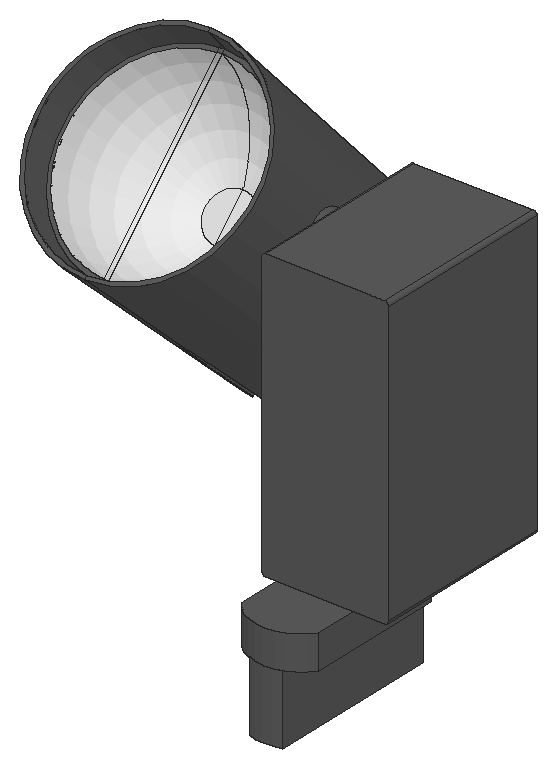
Revit family "0004852 Feilo Sylvania Lighting Fixture START TRACK SPOT S 24W 4K RA80 WB BLACK", category Lighting Fixtures, host Face, Revit 2017
Family settings
  Host = Face
  Round Connector Dimension = Use Diameter
  Part Type = Normal
  OmniClass Number = 23.80.70.00
  OmniClass Title = Lighting
  Cut with Voids When Loaded = No
  Light Source = No
  Shared = No
  Room Calculation Point = No
Parameters (values of type "0004852 START TRACK SPOT S 24W 4K RA80 WB BLACK")
  Weight = "0.966 kg"
  Wattage Comments = ""
  WarrantyStartDate [instance] = "n/a"
  WarrantyGuarantorParts = "n/a"
  WarrantyDurationUnit = "n/a"
  WarrantyDurationParts = "n/a"
  WarrantyDescription = "n/a"
  Voltage = 230 V
  URL = "http://www.sylvania-lighting.com"
  TypeName = "START TRACK SPOT S 24W 4K RA80 WB BLACK"
  TypeHead_FEILO = Start Track Spot Head : 0004852 START TRACK SPOT S 24W 4K RA80 WB BLACK
  TypeBox_FEILO = Start Track Spot Box : Type Small Black
  Type Image = <None>
  Type Comments = "n/a"
  VerticalRotation_FEILO [instance] = 0.00°
  SlideEndAngle_FEILO [instance] = VerticalRotation_FEILO + 180.00°  # 180.00°
  SerialNumber [instance] = "n/a"
  Material_3_FEILO = none
  PowerFactor = 0.95
  PowerConsumption = "24 W"
  NominalLength = 0 mm
  NominalHeight = 200 mm
  NominalDepth = 140 mm
  Name = "START TRACK SPOT S 24W 4K RA80 WB BLACK"
  ModelReference = Name  # "START TRACK SPOT S 24W 4K RA80 WB BLACK"
  ModelNumber = "0004852"
  Model = Name  # "START TRACK SPOT S 24W 4K RA80 WB BLACK"
  Material = "adc12 aluminium housing, polycarbonate diffuser"
  ManufacturerName = "Feilo Sylvania"
  Manufacturer = "Feilo Sylvania"
  LuminousEfficacy = "103 lm/W"
  LuminaireType = ""
  LightOutputRatio = "100"
  LampsType = Lamp  # "LED"
  LampNominalLuminous = "2476 lm"
  LampMacAdamStep = "3"
  LampColourTemperature = "4000 K"
  LampColourRenderingIndex = "80"
  Lamp = "LED"
  Keynote = "16500"
  InstallationDate [instance] = "n/a"
  InputVoltage = "230-240V~"
  InputNominalFrequency = "50/60 Hz"
  IngressProtection = "IP20"
  ImpactProtectionIndex = "IK02"
  IfcExportType = "IfcLightFixtureType"
  IfcExportAs = "IfcLightFixtureType"
  HorizontalRotation_FEILO [instance] = 45.00°
  ExpectedLife = 50000
  ElectricShockClassification = "Class II"
  DurationUnit = "hours"
  DocumentationLiterature = "http://www.sylvania-lighting.com/product/en-int/products/0004852"
  DimmingControlOptions = "Non dimmable"
  Material_2_FEILO = none
  Description = "Integrated LED spotlight, Textured Black - RAL9005, compact and minimalist design, ideal for retail applications, die-cast aluminium body, passive cooling heatsink. Beam angle: 64°, color temperature: 4000K , total system power: 24W, total fixture output: 2476 lm, LOR: 100%, colour rendering: Ra: 80 typical, LED Chromaticity: 3 step MacAdam ellipse, lifetime: >50000 hours at L70B50, energy class: A++, A+, A, IR/UV free light source without heat radiation, operating voltage: 220-240V / 50-60Hz, drive current: 600mA, electronic driver, non-dimmable, power factor: 0.95, electrical protection: Class II, Global Track 3 Phase adapter suitable for Global trac 3-circuit tracks, ingress protection rating: IP20, suitable for internal environment only, horizontal rotation: 355°, vertical tilt: 90°, dimensions: Ø86x140x200, weight: 0.966kg."
  Default Elevation = 1219.2 mm
  CreatedOn = "12/12/2017"
  CreatedBy = ""
  Cost = 0
  built-in parameter 1114216 [instance] = (empty or 0)
  ClassificationValue = "EF_70_80"
  ClassificationName = "Uniclass2015"
  Material_1_FEILO = Body-Sylvania-StartTrackSpot-Black
  BarCode [instance] = "n/a"
  AssetType = "Fixed"
  AssetIdentifier [instance] = "n/a"
  Assembly Code = "D5020200"
  Apparent Load = 24 VA
  Material_4_FEILO = none
Reference planes
  plane 1 "Center (Front/Back)": y = 0
  plane 2: z = 0
  plane 3 "Center (Left/Right)": x = 0
  plane 4: x = 15
  plane 5: x = -15
  plane 6: y = 35
  plane 7: y = -35
  plane 8: z = 13
  plane 9: z = -27
  plane 10: x = 6.5
  plane 11: x = -6.5
  plane 12: y = 27
  plane 13: y = -27
  plane 14: y = 20
Forms (mm)
  Extrusion 1, solid, material "Body-Sylvania-StartTrackSpot-Black" <- "Material_1_FEILO"
    sketch origin (0, 0, 0) x (1, 0, 0) y (0, 1, 0)
      loop
        line (-15, 27) -> (-15, -27)
        arc (-15, -27) -> (0, -35) -> (15, -27) r 18.062
        line (15, -27) -> (15, 27)
        arc (15, 27) -> (0, 35) -> (-15, 27) r 18.062
    from 0 to 13
  Extrusion 2, solid, material "Body-Sylvania-StartTrackSpot-Black" <- "Material_1_FEILO"
    sketch origin (0, 0, 0) x (1, 0, 0) y (0, 1, 0)
      loop
        arc (6.5, 33.79) -> (0, 35) -> (-6.5, 33.79) r 18.062
        line (-6.5, 33.79) -> (-6.5, -33.79)
        arc (-6.5, -33.79) -> (0, -35) -> (6.5, -33.79) r 18.062
        line (6.5, -33.79) -> (6.5, 33.79)
    from 0 to -27
  Revolve 3, solid, not visible
    sketch origin (1524, 20, 1219.2) x (1, 0, 0) y (0, 0, 1)
      loop
        line (-1524, -1206.2) -> (-1524, -1191.285) -> (-1530.5, -1191.285) -> (-1530.5, -1206.2) -> (-1524, -1206.2)
      axis (-1524, -1191.285) -> (-1524, -1206.2)
    angle from 0 <- "VerticalRotation_FEILO" to 180 <- "SlideEndAngle_FEILO"
Cuts and joins
  joined: Extrusion 1, Extrusion 2
Dimensions and locks
  equal spacing: plane 10, plane 3 "Center (Left/Right)", plane 11
  equal spacing: plane 4, plane 3 "Center (Left/Right)", plane 5
  locked: plane 8 to plane 2 at 13
  locked: plane 8 to plane 9 at 40
  equal spacing: plane 13, plane 1 "Center (Front/Back)", plane 12
  locked: plane 12 to plane 6 at 8
  locked: plane 14 to plane 6 at 15
  locked: Revolve 3 sketch curve to plane 8 at 14.915
  aligned and locked: plane 2 to host face
  aligned and locked: level to host face
  aligned and locked: plane 5 to Extrusion 1 sketch curve  (x2)
  aligned and locked: plane 12 to Extrusion 1 sketch curve
  aligned and locked: plane 13 to Extrusion 1 sketch curve
  aligned and locked: plane 4 to Extrusion 1 sketch curve
  aligned and locked: Extrusion 1 to plane 8
  aligned and locked: Extrusion 1 to level
  aligned and locked: Extrusion 2 sketch curve to Extrusion 1  (x2)
  aligned and locked: Extrusion 2 sketch curve to plane 11
  aligned and locked: plane 10 to Extrusion 2 sketch curve
  aligned and locked: plane 9 to Extrusion 2
  aligned and locked: level to Extrusion 2
  aligned and locked: Revolve 3 sketch curve to plane 3 "Center (Left/Right)"  (x2)
  aligned and locked: plane 11 to Revolve 3 sketch curve
  aligned and locked: Revolve 3 sketch curve to plane 8
Automatic sketch dimensions
  host sketch curve to host sketch curve = 2438.4 mm  (x2)
  Extrusion 1 sketch curve to plane 3 "Center (Left/Right)" = 0 mm  (x2)
  Extrusion 1 sketch curve to plane 13 = 10.062 mm
  plane 12 to Extrusion 1 sketch curve = 10.062 mm
  Revolve 3 sketch curve to plane 3 "Center (Left/Right)" = 0 mm
  plane 9 to Revolve 3 sketch curve = 582.6 mm
  Revolve 3 sketch curve to Revolve 3 sketch curve = 2581.144 mm
Nested families
  nested 1: "Start Track Spot Head" at (-62, 20, 112.529) x (0, 0.7071, 0.7071) z (0, 0.7071, -0.7071), type <- "TypeHead_FEILO", type "0004852 START TRACK SPOT S 24W 4K RA80 WB BLACK"
    with built-in parameter 1114216 (empty or 0)
  nested 2: "Start Track Spot Box" at (8.5, 20, 73) x (-1, 0, 0) z (0, -1, 0), BoxStartAngle_FEILO <- "HorizontalRotation_FEILO", type <- "TypeBox_FEILO", type "Type Small Black"
    with BoxStartAngle_FEILO 45.00°, BoxEndAngle_FEILO -135.00°
Connectors
  electrical at (0, 0, 0), driven by "Apparent Load", driven by "PowerFactor", driven by "Voltage"
    settings: index 1, voltage 230 V, apparent load 24 VA, apparent load phase1 0 VA, apparent load phase2 0 VA, apparent load phase3 0 VA, power factor 0.95, load classification "Lighting", number of poles 1, system type 30, power factor state 1, is connector primary yes, connector utility no, sub classification motor no, connector description ""
Definition of nested family "Start Track Spot Head"
  Parameters (values of type "0004811 START TRACK SPOT S 14W 3K RA80 NB WHITE")
    Wattage Comments = "n/a"
    Wattage = 14 W
    built-in parameter 1150110 = 1 (stored number, unit not read)
    URL = "http://www.feilosylvania.com"
    Type Image = (empty or 0)
    Type Comments = "n/a"
    built-in parameter 1114217 = 1 (stored number, unit not read)
    Tilt Angle = -90.00°
    built-in parameter 1150109 = 1 (stored number, unit not read)
    built-in parameter 1150134 = (empty or 0)
    built-in parameter 1150113 = 1 (stored number, unit not read)
    Photometric Web File = "0004811.ies"
    Material_3_FEILO = none
    Model = "START TRACK SPOT S 14W 3K RA80 NB WHITE"
    Manufacturer = "Feilo Sylvania"
    built-in parameter 1150105 = 123.66 (stored number, unit not read)
    Lumens = 1554 lm
    built-in parameter 1150115 = 1 (stored number, unit not read)
    built-in parameter 1150137 = (empty or 0)
    built-in parameter 1150139 = (empty or 0)
    built-in parameter 1150112 = 1 (stored number, unit not read)
    built-in parameter 1150114 = 1 (stored number, unit not read)
    Lamp = "LED"
    Keynote = "16500"
    Material_2_FEILO = none
    built-in parameter 1150132 = (empty or 0)
    built-in parameter 1150102 = (empty or 0)
    built-in parameter 1150107 = 3000 (stored number, unit not read)
    built-in parameter 1150138 = (empty or 0)
    built-in parameter 1150106 = 1.2366 (stored number, unit not read)
    HeadThickness_FEILO = if(HeadDiaOut_FEILO > 112 mm, 2 mm, 1.5 mm)  # 1.5 mm
    HeadRibOffset_FEILO = HeadHeight_FEILO / 28  # 4.179 mm
    HeadRibDepth_FEILO = HeadHeight_FEILO / 2.1  # 55.714 mm
    HeadRibCutWidth_FEILO = HeadDiaOut_FEILO / 12  # 7.167 mm
    HeadRibCutOffset_FEILO = HeadHeight_FEILO / 2.3  # 50.87 mm
    HeadReflectorRadius_FEILO = HeadDiaOut_FEILO / 1.7  # 50.588 mm
    HeadReflectorOffset_FEILO = HeadHeight_FEILO / 2.1  # 55.714 mm
    HeadLEDRadius_FEILO = HeadDiaOut_FEILO / 9  # 9.556 mm
    HeadHeight_FEILO = 117 mm
    HeadDraft_FEILO = 1 mm
    HeadDiffusorThickness_FEILO = 3 mm
    HeadDiffusorOffset_FEILO = HeadHeight_FEILO / 12.4  # 9.435 mm
    HeadDiaOut_FEILO = 86 mm
    HeadDiaIn_FEILO = HeadDiaOut_FEILO / 1.11  # 77.477 mm
    HeadAxisFromTop_FEILO = HeadHeight_FEILO / 1.687  # 69.354 mm
    Emit from Circle Diameter = HeadDiaIn_FEILO  # 77.477 mm
    Emit Shape Visible in Rendering = no
    built-in parameter 1150104 = 10.312 (stored number, unit not read)
    Dimming Lamp Color Temperature Shift = (empty or 0)
    Description = "Integrated LED spotlight, Textured White - RAL9016, compact and minimalist design, ideal for retail applications, die-cast aluminium body, passive cooling heatsink. Beam angle: 12°, color temperature: 3000K , total system power: 14W, total fixture output: 1551 lm, LOR: 100%, colour rendering: Ra: 80 typical, LED Chromaticity: 3 step MacAdam ellipse, lifetime: >50000 hours at L70B50, energy class: A++, A+, A, IR/UV free light source without heat radiation, operating voltage: 220-240V / 50-60Hz, drive current: 350mA, electronic driver, non-dimmable, power factor: 0.92, electrical protection: Class II, Global Track 3 Phase adapter suitable for Global trac 3-circuit tracks, ingress protection rating: IP20, suitable for internal environment only, horizontal rotation: 355°, vertical tilt: 90°, dimensions: Ø86x140x200, weight: 0.940kg."
    Default Elevation = 1219.2 mm
    Cost = 0
    Color Filter = 16777215
    built-in parameter 1114216 [instance] = (empty or 0)
    Material_1_FEILO = none
    built-in parameter 1114218 = 1 (stored number, unit not read)
    built-in parameter 1150133 = 10 (stored number, unit not read)
    Assembly Code = "D5020200"
    Apparent Load = 14 VA
    Material_4_FEILO = none
  Types (96, lengths in mm): name | Wattage | built-in parameter 1150134 | Photometric Web File | Model | built-in parameter 1150105 | Lumens | built-in parameter 1150107 | built-in parameter 1150106 | HeadThickness_FEILO | HeadRibOffset_FEILO | HeadRibDepth_FEILO | HeadRibCutWidth_FEILO | HeadRibCutOffset_FEILO | HeadReflectorRadius_FEILO | HeadReflectorOffset_FEILO | HeadLEDRadius_FEILO | HeadHeight_FEILO | HeadDiffusorOffset_FEILO | HeadDiaOut_FEILO | HeadDiaIn_FEILO | HeadAxisFromTop_FEILO | Emit from Circle Diameter | built-in parameter 1150104 | Description | Apparent Load
    0004906 START TRACK SPOT L 55W 4K RA90 WB BLACK | 55 W | 12 | "0004906.ies" | "START TRACK SPOT L 55W 4K RA90 WB BLACK" | 385.15 (stored number, unit not read) | 4840 lm | 4000 (stored number, unit not read) | 3.8515 (stored number, unit not read) | 2 | 4.429 | 59.048 | 9.417 | 53.913 | 66.471 | 59.048 | 12.556 | 124 | 10 | 113 | 101.802 | 73.503 | 101.802 | 8.1755 (stored number, unit not read) | "Integrated LED spotlight, Textured Black - RAL9005, compact and minimalist design, ideal for retail applications, die-cast aluminium body, passive cooling heatsink. Beam angle: 52°, color temperature: 4000K , total system power: 55W, total fixture output: 4824 lm, LOR: 100%, colour rendering: Ra: 90 typical, LED Chromaticity: 3 step MacAdam ellipse, lifetime: >50000 hours at L70B50, energy class: A++, A+, A, IR/UV free light source without heat radiation, operating voltage: 220-240V / 50-60Hz, drive current: 1400mA, electronic driver, non-dimmable, power factor: 0.96, electrical protection: Class II, Global Track 3 Phase adapter suitable for Global trac 3-circuit tracks, ingress protection rating: IP20, suitable for internal environment only, horizontal rotation: 355°, vertical tilt: 90°, dimensions: Ø113x164x240, weight: 1.398kg." | 55 VA
    0004905 START TRACK SPOT L 55W 4K RA90 MB BLACK | 55 W | 12 | "0004905.ies" | "START TRACK SPOT L 55W 4K RA90 MB BLACK" | 389.53 (stored number, unit not read) | 4895 lm | 4000 (stored number, unit not read) | 3.8953 (stored number, unit not read) | 2 | 4.429 | 59.048 | 9.417 | 53.913 | 66.471 | 59.048 | 12.556 | 124 | 10 | 113 | 101.802 | 73.503 | 101.802 | 8.2684 (stored number, unit not read) | "Integrated LED spotlight, Textured Black - RAL9005, compact and minimalist design, ideal for retail applications, die-cast aluminium body, passive cooling heatsink. Beam angle: 38°, color temperature: 4000K , total system power: 55W, total fixture output: 4897 lm, LOR: 100%, colour rendering: Ra: 90 typical, LED Chromaticity: 3 step MacAdam ellipse, lifetime: >50000 hours at L70B50, energy class: A++, A+, A, IR/UV free light source without heat radiation, operating voltage: 220-240V / 50-60Hz, drive current: 1400mA, electronic driver, non-dimmable, power factor: 0.96, electrical protection: Class II, Global Track 3 Phase adapter suitable for Global trac 3-circuit tracks, ingress protection rating: IP20, suitable for internal environment only, horizontal rotation: 355°, vertical tilt: 90°, dimensions: Ø113x164x240, weight: 1.398kg." | 55 VA
    0004904 START TRACK SPOT L 55W 4K RA90 NB BLACK | 55 W | 12 | "0004904.ies" | "START TRACK SPOT L 55W 4K RA90 NB BLACK" | 393.91 (stored number, unit not read) | 4950 lm | 4000 (stored number, unit not read) | 3.9391 (stored number, unit not read) | 2 | 4.429 | 59.048 | 9.417 | 53.913 | 66.471 | 59.048 | 12.556 | 124 | 10 | 113 | 101.802 | 73.503 | 101.802 | 8.3613 (stored number, unit not read) | "Integrated LED spotlight, Textured Black - RAL9005, compact and minimalist design, ideal for retail applications, die-cast aluminium body, passive cooling heatsink. Beam angle: 15°, color temperature: 4000K , total system power: 55W, total fixture output: 4965 lm, LOR: 100%, colour rendering: Ra: 90 typical, LED Chromaticity: 3 step MacAdam ellipse, lifetime: >50000 hours at L70B50, energy class: A++, A+, A, IR/UV free light source without heat radiation, operating voltage: 220-240V / 50-60Hz, drive current: 1400mA, electronic driver, non-dimmable, power factor: 0.96, electrical protection: Class II, Global Track 3 Phase adapter suitable for Global trac 3-circuit tracks, ingress protection rating: IP20, suitable for internal environment only, horizontal rotation: 355°, vertical tilt: 90°, dimensions: Ø113x164x240, weight: 1.398kg." | 55 VA
    0004903 START TRACK SPOT L 35W 4K RA90 WB BLACK | 35 W | 12 | "0004903.ies" | "START TRACK SPOT L 35W 4K RA90 WB BLACK" | 284.09 (stored number, unit not read) | 3570 lm | 4000 (stored number, unit not read) | 2.8409 (stored number, unit not read) | 2 | 4.429 | 59.048 | 9.417 | 53.913 | 66.471 | 59.048 | 12.556 | 124 | 10 | 113 | 101.802 | 73.503 | 101.802 | 9.4761 (stored number, unit not read) | "Integrated LED spotlight, Textured Black - RAL9005, compact and minimalist design, ideal for retail applications, die-cast aluminium body, passive cooling heatsink. Beam angle: 52°, color temperature: 4000K , total system power: 35W, total fixture output: 3562 lm, LOR: 100%, colour rendering: Ra: 90 typical, LED Chromaticity: 3 step MacAdam ellipse, lifetime: >50000 hours at L70B50, energy class: A++, A+, A, IR/UV free light source without heat radiation, operating voltage: 220-240V / 50-60Hz, drive current: 900mA, electronic driver, non-dimmable, power factor: 0.93, electrical protection: Class II, Global Track 3 Phase adapter suitable for Global trac 3-circuit tracks, ingress protection rating: IP20, suitable for internal environment only, horizontal rotation: 355°, vertical tilt: 90°, dimensions: Ø113x164x240, weight: 1.368kg." | 35 VA
    0004902 START TRACK SPOT L 35W 4K RA90 MB BLACK | 35 W | 12 | "0004902.ies" | "START TRACK SPOT L 35W 4K RA90 MB BLACK" | 286.88 (stored number, unit not read) | 3605 lm | 4000 (stored number, unit not read) | 2.8688 (stored number, unit not read) | 2 | 4.429 | 59.048 | 9.417 | 53.913 | 66.471 | 59.048 | 12.556 | 124 | 10 | 113 | 101.802 | 73.503 | 101.802 | 9.569 (stored number, unit not read) | "Integrated LED spotlight, Textured Black - RAL9005, compact and minimalist design, ideal for retail applications, die-cast aluminium body, passive cooling heatsink. Beam angle: 38°, color temperature: 4000K , total system power: 35W, total fixture output: 3616 lm, LOR: 100%, colour rendering: Ra: 90 typical, LED Chromaticity: 3 step MacAdam ellipse, lifetime: >50000 hours at L70B50, energy class: A++, A+, A, IR/UV free light source without heat radiation, operating voltage: 220-240V / 50-60Hz, drive current: 900mA, electronic driver, non-dimmable, power factor: 0.93, electrical protection: Class II, Global Track 3 Phase adapter suitable for Global trac 3-circuit tracks, ingress protection rating: IP20, suitable for internal environment only, horizontal rotation: 355°, vertical tilt: 90°, dimensions: Ø113x164x240, weight: 1.368kg." | 35 VA
    0004901 START TRACK SPOT L 35W 4K RA90 NB BLACK | 35 W | 12 | "0004901.ies" | "START TRACK SPOT L 35W 4K RA90 NB BLACK" | 286.88 (stored number, unit not read) | 3605 lm | 4000 (stored number, unit not read) | 2.8688 (stored number, unit not read) | 2 | 4.429 | 59.048 | 9.417 | 53.913 | 66.471 | 59.048 | 12.556 | 124 | 10 | 113 | 101.802 | 73.503 | 101.802 | 9.569 (stored number, unit not read) | "Integrated LED spotlight, Textured Black - RAL9005, compact and minimalist design, ideal for retail applications, die-cast aluminium body, passive cooling heatsink. Beam angle: 15°, color temperature: 4000K , total system power: 35W, total fixture output: 3593 lm, LOR: 100%, colour rendering: Ra: 90 typical, LED Chromaticity: 3 step MacAdam ellipse, lifetime: >50000 hours at L70B50, energy class: A++, A+, A, IR/UV free light source without heat radiation, operating voltage: 220-240V / 50-60Hz, drive current: 900mA, electronic driver, non-dimmable, power factor: 0.93, electrical protection: Class II, Global Track 3 Phase adapter suitable for Global trac 3-circuit tracks, ingress protection rating: IP20, suitable for internal environment only, horizontal rotation: 355°, vertical tilt: 90°, dimensions: Ø113x164x240, weight: 1.368kg." | 35 VA
    0004900 START TRACK SPOT S 24W 4K RA90 WB BLACK | 24 W | 12 | "0004900.ies" | "START TRACK SPOT S 24W 4K RA90 WB BLACK" | 166.16 (stored number, unit not read) | 2088 lm | 4000 (stored number, unit not read) | 1.6616 (stored number, unit not read) | 1.5 | 4.179 | 55.714 | 7.167 | 50.87 | 50.588 | 55.714 | 9.556 | 117 | 9.435 | 86 | 77.477 | 69.354 | 77.477 | 8.0826 (stored number, unit not read) | "Integrated LED spotlight, Textured Black - RAL9005, compact and minimalist design, ideal for retail applications, die-cast aluminium body, passive cooling heatsink. Beam angle: 64°, color temperature: 4000K , total system power: 24W, total fixture output: 2087 lm, LOR: 100%, colour rendering: Ra: 90 typical, LED Chromaticity: 3 step MacAdam ellipse, lifetime: >50000 hours at L70B50, energy class: A++, A+, A, IR/UV free light source without heat radiation, operating voltage: 220-240V / 50-60Hz, drive current: 600mA, electronic driver, non-dimmable, power factor: 0.95, electrical protection: Class II, Global Track 3 Phase adapter suitable for Global trac 3-circuit tracks, ingress protection rating: IP20, suitable for internal environment only, horizontal rotation: 355°, vertical tilt: 90°, dimensions: Ø86x140x200, weight: 0.966kg." | 24 VA
    0004899 START TRACK SPOT S 24W 4K RA90 MB BLACK | 24 W | 12 | "0004899.ies" | "START TRACK SPOT S 24W 4K RA90 MB BLACK" | 169.98 (stored number, unit not read) | 2136 lm | 4000 (stored number, unit not read) | 1.6998 (stored number, unit not read) | 1.5 | 4.179 | 55.714 | 7.167 | 50.87 | 50.588 | 55.714 | 9.556 | 117 | 9.435 | 86 | 77.477 | 69.354 | 77.477 | 8.2684 (stored number, unit not read) | "Integrated LED spotlight, Textured Black - RAL9005, compact and minimalist design, ideal for retail applications, die-cast aluminium body, passive cooling heatsink. Beam angle: 36°, color temperature: 4000K , total system power: 24W, total fixture output: 2141 lm, LOR: 100%, colour rendering: Ra: 90 typical, LED Chromaticity: 3 step MacAdam ellipse, lifetime: >50000 hours at L70B50, energy class: A++, A+, A, IR/UV free light source without heat radiation, operating voltage: 220-240V / 50-60Hz, drive current: 600mA, electronic driver, non-dimmable, power factor: 0.95, electrical protection: Class II, Global Track 3 Phase adapter suitable for Global trac 3-circuit tracks, ingress protection rating: IP20, suitable for internal environment only, horizontal rotation: 355°, vertical tilt: 90°, dimensions: Ø86x140x200, weight: 0.966kg." | 24 VA
    0004898 START TRACK SPOT S 24W 4K RA90 NB BLACK | 24 W | 12 | "0004898.ies" | "START TRACK SPOT S 24W 4K RA90 NB BLACK" | 171.89 (stored number, unit not read) | 2160 lm | 4000 (stored number, unit not read) | 1.7189 (stored number, unit not read) | 1.5 | 4.179 | 55.714 | 7.167 | 50.87 | 50.588 | 55.714 | 9.556 | 117 | 9.435 | 86 | 77.477 | 69.354 | 77.477 | 8.3613 (stored number, unit not read) | "Integrated LED spotlight, Textured Black - RAL9005, compact and minimalist design, ideal for retail applications, die-cast aluminium body, passive cooling heatsink. Beam angle: 12°, color temperature: 4000K , total system power: 24W, total fixture output: 2155 lm, LOR: 100%, colour rendering: Ra: 90 typical, LED Chromaticity: 3 step MacAdam ellipse, lifetime: >50000 hours at L70B50, energy class: A++, A+, A, IR/UV free light source without heat radiation, operating voltage: 220-240V / 50-60Hz, drive current: 600mA, electronic driver, non-dimmable, power factor: 0.95, electrical protection: Class II, Global Track 3 Phase adapter suitable for Global trac 3-circuit tracks, ingress protection rating: IP20, suitable for internal environment only, horizontal rotation: 355°, vertical tilt: 90°, dimensions: Ø86x140x200, weight: 0.966kg." | 24 VA
    0004897 START TRACK SPOT S 14W 4K RA90 WB BLACK | 14 W | 12 | "0004897.ies" | "START TRACK SPOT S 14W 4K RA90 WB BLACK" | 108.07 (stored number, unit not read) | 1358 lm | 4000 (stored number, unit not read) | 1.0807 (stored number, unit not read) | 1.5 | 4.179 | 55.714 | 7.167 | 50.87 | 50.588 | 55.714 | 9.556 | 117 | 9.435 | 86 | 77.477 | 69.354 | 77.477 | 9.0116 (stored number, unit not read) | "Integrated LED spotlight, Textured Black - RAL9005, compact and minimalist design, ideal for retail applications, die-cast aluminium body, passive cooling heatsink. Beam angle: 64°, color temperature: 4000K , total system power: 14W, total fixture output: 1352 lm, LOR: 100%, colour rendering: Ra: 90 typical, LED Chromaticity: 3 step MacAdam ellipse, lifetime: >50000 hours at L70B50, energy class: A++, A+, A, IR/UV free light source without heat radiation, operating voltage: 220-240V / 50-60Hz, drive current: 350mA, electronic driver, non-dimmable, power factor: 0.92, electrical protection: Class II, Global Track 3 Phase adapter suitable for Global trac 3-circuit tracks, ingress protection rating: IP20, suitable for internal environment only, horizontal rotation: 355°, vertical tilt: 90°, dimensions: Ø86x140x200, weight: 0.940kg." | 14 VA
    0004896 START TRACK SPOT S 14W 4K RA90 MB BLACK | 14 W | 12 | "0004896.ies" | "START TRACK SPOT S 14W 4K RA90 MB BLACK" | 108.07 (stored number, unit not read) | 1358 lm | 4000 (stored number, unit not read) | 1.0807 (stored number, unit not read) | 1.5 | 4.179 | 55.714 | 7.167 | 50.87 | 50.588 | 55.714 | 9.556 | 117 | 9.435 | 86 | 77.477 | 69.354 | 77.477 | 9.0116 (stored number, unit not read) | "Integrated LED spotlight, Textured Black - RAL9005, compact and minimalist design, ideal for retail applications, die-cast aluminium body, passive cooling heatsink. Beam angle: 36°, color temperature: 4000K , total system power: 14W, total fixture output: 1359 lm, LOR: 100%, colour rendering: Ra: 90 typical, LED Chromaticity: 3 step MacAdam ellipse, lifetime: >50000 hours at L70B50, energy class: A++, A+, A, IR/UV free light source without heat radiation, operating voltage: 220-240V / 50-60Hz, drive current: 350mA, electronic driver, non-dimmable, power factor: 0.92, electrical protection: Class II, Global Track 3 Phase adapter suitable for Global trac 3-circuit tracks, ingress protection rating: IP20, suitable for internal environment only, horizontal rotation: 355°, vertical tilt: 90°, dimensions: Ø86x140x200, weight: 0.940kg." | 14 VA
    0004895 START TRACK SPOT S 14W 4K RA90 NB BLACK | 14 W | 12 | "0004895.ies" | "START TRACK SPOT S 14W 4K RA90 NB BLACK" | 106.95 (stored number, unit not read) | 1344 lm | 4000 (stored number, unit not read) | 1.0695 (stored number, unit not read) | 1.5 | 4.179 | 55.714 | 7.167 | 50.87 | 50.588 | 55.714 | 9.556 | 117 | 9.435 | 86 | 77.477 | 69.354 | 77.477 | 8.9187 (stored number, unit not read) | "Integrated LED spotlight, Textured Black - RAL9005, compact and minimalist design, ideal for retail applications, die-cast aluminium body, passive cooling heatsink. Beam angle: 12°, color temperature: 4000K , total system power: 14W, total fixture output: 1349 lm, LOR: 100%, colour rendering: Ra: 90 typical, LED Chromaticity: 3 step MacAdam ellipse, lifetime: >50000 hours at L70B50, energy class: A++, A+, A, IR/UV free light source without heat radiation, operating voltage: 220-240V / 50-60Hz, drive current: 350mA, electronic driver, non-dimmable, power factor: 0.92, electrical protection: Class II, Global Track 3 Phase adapter suitable for Global trac 3-circuit tracks, ingress protection rating: IP20, suitable for internal environment only, horizontal rotation: 355°, vertical tilt: 90°, dimensions: Ø86x140x200, weight: 0.940kg." | 14 VA
    0004894 START TRACK SPOT L 55W 3K RA90 WB BLACK | 55 W | (empty or 0) | "0004894.ies" | "START TRACK SPOT L 55W 3K RA90 WB BLACK" | 350.14 (stored number, unit not read) | 4400 lm | 3000 (stored number, unit not read) | 3.5014 (stored number, unit not read) | 2 | 4.429 | 59.048 | 9.417 | 53.913 | 66.471 | 59.048 | 12.556 | 124 | 10 | 113 | 101.802 | 73.503 | 101.802 | 7.4322 (stored number, unit not read) | "Integrated LED spotlight, Textured Black - RAL9005, compact and minimalist design, ideal for retail applications, die-cast aluminium body, passive cooling heatsink. Beam angle: 52°, color temperature: 3000K , total system power: 55W, total fixture output: 4405 lm, LOR: 100%, colour rendering: Ra: 90 typical, LED Chromaticity: 3 step MacAdam ellipse, lifetime: >50000 hours at L70B50, energy class: A++, A+, A, IR/UV free light source without heat radiation, operating voltage: 220-240V / 50-60Hz, drive current: 1400mA, electronic driver, non-dimmable, power factor: 0.96, electrical protection: Class II, Global Track 3 Phase adapter suitable for Global trac 3-circuit tracks, ingress protection rating: IP20, suitable for internal environment only, horizontal rotation: 355°, vertical tilt: 90°, dimensions: Ø113x164x240, weight: 1.398kg." | 55 VA
    0004893 START TRACK SPOT L 55W 3K RA90 MB BLACK | 55 W | (empty or 0) | "0004893.ies" | "START TRACK SPOT L 55W 3K RA90 MB BLACK" | 354.52 (stored number, unit not read) | 4455 lm | 3000 (stored number, unit not read) | 3.5452 (stored number, unit not read) | 2 | 4.429 | 59.048 | 9.417 | 53.913 | 66.471 | 59.048 | 12.556 | 124 | 10 | 113 | 101.802 | 73.503 | 101.802 | 7.5251 (stored number, unit not read) | "Integrated LED spotlight, Textured Black - RAL9005, compact and minimalist design, ideal for retail applications, die-cast aluminium body, passive cooling heatsink. Beam angle: 38°, color temperature: 3000K , total system power: 55W, total fixture output: 4448 lm, LOR: 100%, colour rendering: Ra: 90 typical, LED Chromaticity: 3 step MacAdam ellipse, lifetime: >50000 hours at L70B50, energy class: A++, A+, A, IR/UV free light source without heat radiation, operating voltage: 220-240V / 50-60Hz, drive current: 1400mA, electronic driver, non-dimmable, power factor: 0.96, electrical protection: Class II, Global Track 3 Phase adapter suitable for Global trac 3-circuit tracks, ingress protection rating: IP20, suitable for internal environment only, horizontal rotation: 355°, vertical tilt: 90°, dimensions: Ø113x164x240, weight: 1.398kg." | 55 VA
    0004892 START TRACK SPOT L 55W 3K RA90 NB BLACK | 55 W | (empty or 0) | "0004892.ies" | "START TRACK SPOT L 55W 3K RA90 NB BLACK" | 350.14 (stored number, unit not read) | 4400 lm | 3000 (stored number, unit not read) | 3.5014 (stored number, unit not read) | 2 | 4.429 | 59.048 | 9.417 | 53.913 | 66.471 | 59.048 | 12.556 | 124 | 10 | 113 | 101.802 | 73.503 | 101.802 | 7.4322 (stored number, unit not read) | "Integrated LED spotlight, Textured Black - RAL9005, compact and minimalist design, ideal for retail applications, die-cast aluminium body, passive cooling heatsink. Beam angle: 15°, color temperature: 3000K , total system power: 55W, total fixture output: 4416 lm, LOR: 100%, colour rendering: Ra: 90 typical, LED Chromaticity: 3 step MacAdam ellipse, lifetime: >50000 hours at L70B50, energy class: A++, A+, A, IR/UV free light source without heat radiation, operating voltage: 220-240V / 50-60Hz, drive current: 1400mA, electronic driver, non-dimmable, power factor: 0.96, electrical protection: Class II, Global Track 3 Phase adapter suitable for Global trac 3-circuit tracks, ingress protection rating: IP20, suitable for internal environment only, horizontal rotation: 355°, vertical tilt: 90°, dimensions: Ø113x164x240, weight: 1.398kg." | 55 VA
    0004891 START TRACK SPOT L 35W 3K RA90 WB BLACK | 35 W | (empty or 0) | "0004891.ies" | "START TRACK SPOT L 35W 3K RA90 WB BLACK" | 259.02 (stored number, unit not read) | 3255 lm | 3000 (stored number, unit not read) | 2.5902 (stored number, unit not read) | 2 | 4.429 | 59.048 | 9.417 | 53.913 | 66.471 | 59.048 | 12.556 | 124 | 10 | 113 | 101.802 | 73.503 | 101.802 | 8.64 (stored number, unit not read) | "Integrated LED spotlight, Textured Black - RAL9005, compact and minimalist design, ideal for retail applications, die-cast aluminium body, passive cooling heatsink. Beam angle: 52°, color temperature: 3000K , total system power: 35W, total fixture output: 3260 lm, LOR: 100%, colour rendering: Ra: 90 typical, LED Chromaticity: 3 step MacAdam ellipse, lifetime: >50000 hours at L70B50, energy class: A++, A+, A, IR/UV free light source without heat radiation, operating voltage: 220-240V / 50-60Hz, drive current: 900mA, electronic driver, non-dimmable, power factor: 0.93, electrical protection: Class II, Global Track 3 Phase adapter suitable for Global trac 3-circuit tracks, ingress protection rating: IP20, suitable for internal environment only, horizontal rotation: 355°, vertical tilt: 90°, dimensions: Ø113x164x240, weight: 1.368kg." | 35 VA
    0004890 START TRACK SPOT L 35W 3K RA90 MB BLACK | 35 W | (empty or 0) | "0004890.ies" | "START TRACK SPOT L 35W 3K RA90 MB BLACK" | 261.81 (stored number, unit not read) | 3290 lm | 3000 (stored number, unit not read) | 2.6181 (stored number, unit not read) | 2 | 4.429 | 59.048 | 9.417 | 53.913 | 66.471 | 59.048 | 12.556 | 124 | 10 | 113 | 101.802 | 73.503 | 101.802 | 8.7329 (stored number, unit not read) | "Integrated LED spotlight, Textured Black - RAL9005, compact and minimalist design, ideal for retail applications, die-cast aluminium body, passive cooling heatsink. Beam angle: 38°, color temperature: 3000K , total system power: 35W, total fixture output: 3306 lm, LOR: 100%, colour rendering: Ra: 90 typical, LED Chromaticity: 3 step MacAdam ellipse, lifetime: >50000 hours at L70B50, energy class: A++, A+, A, IR/UV free light source without heat radiation, operating voltage: 220-240V / 50-60Hz, drive current: 900mA, electronic driver, non-dimmable, power factor: 0.93, electrical protection: Class II, Global Track 3 Phase adapter suitable for Global trac 3-circuit tracks, ingress protection rating: IP20, suitable for internal environment only, horizontal rotation: 355°, vertical tilt: 90°, dimensions: Ø113x164x240, weight: 1.368kg." | 35 VA
    0004889 START TRACK SPOT L 35W 3K RA90 NB BLACK | 35 W | (empty or 0) | "0004889.ies" | "START TRACK SPOT L 35W 3K RA90 NB BLACK" | 261.81 (stored number, unit not read) | 3290 lm | 3000 (stored number, unit not read) | 2.6181 (stored number, unit not read) | 2 | 4.429 | 59.048 | 9.417 | 53.913 | 66.471 | 59.048 | 12.556 | 124 | 10 | 113 | 101.802 | 73.503 | 101.802 | 8.7329 (stored number, unit not read) | "Integrated LED spotlight, Textured Black - RAL9005, compact and minimalist design, ideal for retail applications, die-cast aluminium body, passive cooling heatsink. Beam angle: 15°, color temperature: 3000K , total system power: 35W, total fixture output: 3287 lm, LOR: 100%, colour rendering: Ra: 90 typical, LED Chromaticity: 3 step MacAdam ellipse, lifetime: >50000 hours at L70B50, energy class: A++, A+, A, IR/UV free light source without heat radiation, operating voltage: 220-240V / 50-60Hz, drive current: 900mA, electronic driver, non-dimmable, power factor: 0.93, electrical protection: Class II, Global Track 3 Phase adapter suitable for Global trac 3-circuit tracks, ingress protection rating: IP20, suitable for internal environment only, horizontal rotation: 355°, vertical tilt: 90°, dimensions: Ø113x164x240, weight: 1.368kg." | 35 VA
    0004888 START TRACK SPOT S 24W 3K RA90 WB BLACK | 24 W | (empty or 0) | "0004888.ies" | "START TRACK SPOT S 24W 3K RA90 WB BLACK" | 152.79 (stored number, unit not read) | 1920 lm | 3000 (stored number, unit not read) | 1.5279 (stored number, unit not read) | 1.5 | 4.179 | 55.714 | 7.167 | 50.87 | 50.588 | 55.714 | 9.556 | 117 | 9.435 | 86 | 77.477 | 69.354 | 77.477 | 7.4322 (stored number, unit not read) | "Integrated LED spotlight, Textured Black - RAL9005, compact and minimalist design, ideal for retail applications, die-cast aluminium body, passive cooling heatsink. Beam angle: 64°, color temperature: 3000K , total system power: 24W, total fixture output: 1928 lm, LOR: 100%, colour rendering: Ra: 90 typical, LED Chromaticity: 3 step MacAdam ellipse, lifetime: >50000 hours at L70B50, energy class: A++, A+, A, IR/UV free light source without heat radiation, operating voltage: 220-240V / 50-60Hz, drive current: 600mA, electronic driver, non-dimmable, power factor: 0.95, electrical protection: Class II, Global Track 3 Phase adapter suitable for Global trac 3-circuit tracks, ingress protection rating: IP20, suitable for internal environment only, horizontal rotation: 355°, vertical tilt: 90°, dimensions: Ø86x140x200, weight: 0.966kg." | 24 VA
    0004887 START TRACK SPOT S 24W 3K RA90 MB BLACK | 24 W | (empty or 0) | "0004887.ies" | "START TRACK SPOT S 24W 3K RA90 MB BLACK" | 154.7 (stored number, unit not read) | 1944 lm | 3000 (stored number, unit not read) | 1.547 (stored number, unit not read) | 1.5 | 4.179 | 55.714 | 7.167 | 50.87 | 50.588 | 55.714 | 9.556 | 117 | 9.435 | 86 | 77.477 | 69.354 | 77.477 | 7.5251 (stored number, unit not read) | "Integrated LED spotlight, Textured Black - RAL9005, compact and minimalist design, ideal for retail applications, die-cast aluminium body, passive cooling heatsink. Beam angle: 36°, color temperature: 3000K , total system power: 24W, total fixture output: 1944 lm, LOR: 100%, colour rendering: Ra: 90 typical, LED Chromaticity: 3 step MacAdam ellipse, lifetime: >50000 hours at L70B50, energy class: A++, A+, A, IR/UV free light source without heat radiation, operating voltage: 220-240V / 50-60Hz, drive current: 600mA, electronic driver, non-dimmable, power factor: 0.95, electrical protection: Class II, Global Track 3 Phase adapter suitable for Global trac 3-circuit tracks, ingress protection rating: IP20, suitable for internal environment only, horizontal rotation: 355°, vertical tilt: 90°, dimensions: Ø86x140x200, weight: 0.966kg." | 24 VA
    0004886 START TRACK SPOT S 24W 3K RA90 NB BLACK | 24 W | (empty or 0) | "0004886.ies" | "START TRACK SPOT S 24W 3K RA90 NB BLACK" | 158.52 (stored number, unit not read) | 1992 lm | 3000 (stored number, unit not read) | 1.5852 (stored number, unit not read) | 1.5 | 4.179 | 55.714 | 7.167 | 50.87 | 50.588 | 55.714 | 9.556 | 117 | 9.435 | 86 | 77.477 | 69.354 | 77.477 | 7.711 (stored number, unit not read) | "Integrated LED spotlight, Textured Black - RAL9005, compact and minimalist design, ideal for retail applications, die-cast aluminium body, passive cooling heatsink. Beam angle: 12°, color temperature: 3000K , total system power: 24W, total fixture output: 1987 lm, LOR: 100%, colour rendering: Ra: 90 typical, LED Chromaticity: 3 step MacAdam ellipse, lifetime: >50000 hours at L70B50, energy class: A++, A+, A, IR/UV free light source without heat radiation, operating voltage: 220-240V / 50-60Hz, drive current: 600mA, electronic driver, non-dimmable, power factor: 0.95, electrical protection: Class II, Global Track 3 Phase adapter suitable for Global trac 3-circuit tracks, ingress protection rating: IP20, suitable for internal environment only, horizontal rotation: 355°, vertical tilt: 90°, dimensions: Ø86x140x200, weight: 0.966kg." | 24 VA
    0004885 START TRACK SPOT S 14W 3K RA90 WB BLACK | 14 W | (empty or 0) | "0004885.ies" | "START TRACK SPOT S 14W 3K RA90 WB BLACK" | 100.27 (stored number, unit not read) | 1260 lm | 3000 (stored number, unit not read) | 1.0027 (stored number, unit not read) | 1.5 | 4.179 | 55.714 | 7.167 | 50.87 | 50.588 | 55.714 | 9.556 | 117 | 9.435 | 86 | 77.477 | 69.354 | 77.477 | 8.3613 (stored number, unit not read) | "Integrated LED spotlight, Textured Black - RAL9005, compact and minimalist design, ideal for retail applications, die-cast aluminium body, passive cooling heatsink. Beam angle: 64°, color temperature: 3000K , total system power: 14W, total fixture output: 1262 lm, LOR: 100%, colour rendering: Ra: 90 typical, LED Chromaticity: 3 step MacAdam ellipse, lifetime: >50000 hours at L70B50, energy class: A++, A+, A, IR/UV free light source without heat radiation, operating voltage: 220-240V / 50-60Hz, drive current: 350mA, electronic driver, non-dimmable, power factor: 0.92, electrical protection: Class II, Global Track 3 Phase adapter suitable for Global trac 3-circuit tracks, ingress protection rating: IP20, suitable for internal environment only, horizontal rotation: 355°, vertical tilt: 90°, dimensions: Ø86x140x200, weight: 0.940kg." | 14 VA
    0004884 START TRACK SPOT S 14W 3K RA90 MB BLACK | 14 W | (empty or 0) | "0004884.ies" | "START TRACK SPOT S 14W 3K RA90 MB BLACK" | 100.27 (stored number, unit not read) | 1260 lm | 3000 (stored number, unit not read) | 1.0027 (stored number, unit not read) | 1.5 | 4.179 | 55.714 | 7.167 | 50.87 | 50.588 | 55.714 | 9.556 | 117 | 9.435 | 86 | 77.477 | 69.354 | 77.477 | 8.3613 (stored number, unit not read) | "Integrated LED spotlight, Textured Black - RAL9005, compact and minimalist design, ideal for retail applications, die-cast aluminium body, passive cooling heatsink. Beam angle: 36°, color temperature: 3000K , total system power: 14W, total fixture output: 1262 lm, LOR: 100%, colour rendering: Ra: 90 typical, LED Chromaticity: 3 step MacAdam ellipse, lifetime: >50000 hours at L70B50, energy class: A++, A+, A, IR/UV free light source without heat radiation, operating voltage: 220-240V / 50-60Hz, drive current: 350mA, electronic driver, non-dimmable, power factor: 0.92, electrical protection: Class II, Global Track 3 Phase adapter suitable for Global trac 3-circuit tracks, ingress protection rating: IP20, suitable for internal environment only, horizontal rotation: 355°, vertical tilt: 90°, dimensions: Ø86x140x200, weight: 0.940kg." | 14 VA
    0004883 START TRACK SPOT S 14W 3K RA90 NB BLACK | 14 W | (empty or 0) | "0004883.ies" | "START TRACK SPOT S 14W 3K RA90 NB BLACK" | 102.5 (stored number, unit not read) | 1288 lm | 3000 (stored number, unit not read) | 1.025 (stored number, unit not read) | 1.5 | 4.179 | 55.714 | 7.167 | 50.87 | 50.588 | 55.714 | 9.556 | 117 | 9.435 | 86 | 77.477 | 69.354 | 77.477 | 8.5471 (stored number, unit not read) | "Integrated LED spotlight, Textured Black - RAL9005, compact and minimalist design, ideal for retail applications, die-cast aluminium body, passive cooling heatsink. Beam angle: 12°, color temperature: 3000K , total system power: 14W, total fixture output: 1284 lm, LOR: 100%, colour rendering: Ra: 90 typical, LED Chromaticity: 3 step MacAdam ellipse, lifetime: >50000 hours at L70B50, energy class: A++, A+, A, IR/UV free light source without heat radiation, operating voltage: 220-240V / 50-60Hz, drive current: 350mA, electronic driver, non-dimmable, power factor: 0.92, electrical protection: Class II, Global Track 3 Phase adapter suitable for Global trac 3-circuit tracks, ingress protection rating: IP20, suitable for internal environment only, horizontal rotation: 355°, vertical tilt: 90°, dimensions: Ø86x140x200, weight: 0.940kg." | 14 VA
    0004882 START TRACK SPOT L 55W 4K RA90 WB WHITE | 55 W | 12 | "0004882.ies" | "START TRACK SPOT L 55W 4K RA90 WB WHITE" | 385.15 (stored number, unit not read) | 4840 lm | 4000 (stored number, unit not read) | 3.8515 (stored number, unit not read) | 2 | 4.429 | 59.048 | 9.417 | 53.913 | 66.471 | 59.048 | 12.556 | 124 | 10 | 113 | 101.802 | 73.503 | 101.802 | 8.1755 (stored number, unit not read) | "Integrated LED spotlight, Textured White - RAL9016, compact and minimalist design, ideal for retail applications, die-cast aluminium body, passive cooling heatsink. Beam angle: 52°, color temperature: 4000K , total system power: 55W, total fixture output: 4824 lm, LOR: 100%, colour rendering: Ra: 90 typical, LED Chromaticity: 3 step MacAdam ellipse, lifetime: >50000 hours at L70B50, energy class: A++, A+, A, IR/UV free light source without heat radiation, operating voltage: 220-240V / 50-60Hz, drive current: 1400mA, electronic driver, non-dimmable, power factor: 0.96, electrical protection: Class II, Global Track 3 Phase adapter suitable for Global trac 3-circuit tracks, ingress protection rating: IP20, suitable for internal environment only, horizontal rotation: 355°, vertical tilt: 90°, dimensions: Ø113x164x240, weight: 1.398kg." | 55 VA
    0004881 START TRACK SPOT L 55W 4K RA90 MB WHITE | 55 W | 12 | "0004881.ies" | "START TRACK SPOT L 55W 4K RA90 MB WHITE" | 389.53 (stored number, unit not read) | 4895 lm | 4000 (stored number, unit not read) | 3.8953 (stored number, unit not read) | 2 | 4.429 | 59.048 | 9.417 | 53.913 | 66.471 | 59.048 | 12.556 | 124 | 10 | 113 | 101.802 | 73.503 | 101.802 | 8.2684 (stored number, unit not read) | "Integrated LED spotlight, Textured White - RAL9016, compact and minimalist design, ideal for retail applications, die-cast aluminium body, passive cooling heatsink. Beam angle: 38°, color temperature: 4000K , total system power: 55W, total fixture output: 4897 lm, LOR: 100%, colour rendering: Ra: 90 typical, LED Chromaticity: 3 step MacAdam ellipse, lifetime: >50000 hours at L70B50, energy class: A++, A+, A, IR/UV free light source without heat radiation, operating voltage: 220-240V / 50-60Hz, drive current: 1400mA, electronic driver, non-dimmable, power factor: 0.96, electrical protection: Class II, Global Track 3 Phase adapter suitable for Global trac 3-circuit tracks, ingress protection rating: IP20, suitable for internal environment only, horizontal rotation: 355°, vertical tilt: 90°, dimensions: Ø113x164x240, weight: 1.398kg." | 55 VA
    0004880 START TRACK SPOT L 55W 4K RA90 NB WHITE | 55 W | 12 | "0004880.ies" | "START TRACK SPOT L 55W 4K RA90 NB WHITE" | 393.91 (stored number, unit not read) | 4950 lm | 4000 (stored number, unit not read) | 3.9391 (stored number, unit not read) | 2 | 4.429 | 59.048 | 9.417 | 53.913 | 66.471 | 59.048 | 12.556 | 124 | 10 | 113 | 101.802 | 73.503 | 101.802 | 8.3613 (stored number, unit not read) | "Integrated LED spotlight, Textured White - RAL9016, compact and minimalist design, ideal for retail applications, die-cast aluminium body, passive cooling heatsink. Beam angle: 15°, color temperature: 4000K , total system power: 55W, total fixture output: 4965 lm, LOR: 100%, colour rendering: Ra: 90 typical, LED Chromaticity: 3 step MacAdam ellipse, lifetime: >50000 hours at L70B50, energy class: A++, A+, A, IR/UV free light source without heat radiation, operating voltage: 220-240V / 50-60Hz, drive current: 1400mA, electronic driver, non-dimmable, power factor: 0.96, electrical protection: Class II, Global Track 3 Phase adapter suitable for Global trac 3-circuit tracks, ingress protection rating: IP20, suitable for internal environment only, horizontal rotation: 355°, vertical tilt: 90°, dimensions: Ø113x164x240, weight: 1.398kg." | 55 VA
    0004879 START TRACK SPOT L 35W 4K RA90 WB WHITE | 35 W | 12 | "0004879.ies" | "START TRACK SPOT L 35W 4K RA90 WB WHITE" | 284.09 (stored number, unit not read) | 3570 lm | 4000 (stored number, unit not read) | 2.8409 (stored number, unit not read) | 2 | 4.429 | 59.048 | 9.417 | 53.913 | 66.471 | 59.048 | 12.556 | 124 | 10 | 113 | 101.802 | 73.503 | 101.802 | 9.4761 (stored number, unit not read) | "Integrated LED spotlight, Textured White - RAL9016, compact and minimalist design, ideal for retail applications, die-cast aluminium body, passive cooling heatsink. Beam angle: 52°, color temperature: 4000K , total system power: 35W, total fixture output: 3562 lm, LOR: 100%, colour rendering: Ra: 90 typical, LED Chromaticity: 3 step MacAdam ellipse, lifetime: >50000 hours at L70B50, energy class: A++, A+, A, IR/UV free light source without heat radiation, operating voltage: 220-240V / 50-60Hz, drive current: 900mA, electronic driver, non-dimmable, power factor: 0.93, electrical protection: Class II, Global Track 3 Phase adapter suitable for Global trac 3-circuit tracks, ingress protection rating: IP20, suitable for internal environment only, horizontal rotation: 355°, vertical tilt: 90°, dimensions: Ø113x164x240, weight: 1.368kg." | 35 VA
    0004878 START TRACK SPOT L 35W 4K RA90 MB WHITE | 35 W | 12 | "0004878.ies" | "START TRACK SPOT L 35W 4K RA90 MB WHITE" | 286.88 (stored number, unit not read) | 3605 lm | 4000 (stored number, unit not read) | 2.8688 (stored number, unit not read) | 2 | 4.429 | 59.048 | 9.417 | 53.913 | 66.471 | 59.048 | 12.556 | 124 | 10 | 113 | 101.802 | 73.503 | 101.802 | 9.569 (stored number, unit not read) | "Integrated LED spotlight, Textured White - RAL9016, compact and minimalist design, ideal for retail applications, die-cast aluminium body, passive cooling heatsink. Beam angle: 38°, color temperature: 4000K , total system power: 35W, total fixture output: 3616 lm, LOR: 100%, colour rendering: Ra: 90 typical, LED Chromaticity: 3 step MacAdam ellipse, lifetime: >50000 hours at L70B50, energy class: A++, A+, A, IR/UV free light source without heat radiation, operating voltage: 220-240V / 50-60Hz, drive current: 900mA, electronic driver, non-dimmable, power factor: 0.93, electrical protection: Class II, Global Track 3 Phase adapter suitable for Global trac 3-circuit tracks, ingress protection rating: IP20, suitable for internal environment only, horizontal rotation: 355°, vertical tilt: 90°, dimensions: Ø113x164x240, weight: 1.368kg." | 35 VA
    0004877 START TRACK SPOT L 35W 4K RA90 NB WHITE | 35 W | 12 | "0004877.ies" | "START TRACK SPOT L 35W 4K RA90 NB WHITE" | 286.88 (stored number, unit not read) | 3605 lm | 4000 (stored number, unit not read) | 2.8688 (stored number, unit not read) | 2 | 4.429 | 59.048 | 9.417 | 53.913 | 66.471 | 59.048 | 12.556 | 124 | 10 | 113 | 101.802 | 73.503 | 101.802 | 9.569 (stored number, unit not read) | "Integrated LED spotlight, Textured White - RAL9016, compact and minimalist design, ideal for retail applications, die-cast aluminium body, passive cooling heatsink. Beam angle: 15°, color temperature: 4000K , total system power: 35W, total fixture output: 3593 lm, LOR: 100%, colour rendering: Ra: 90 typical, LED Chromaticity: 3 step MacAdam ellipse, lifetime: >50000 hours at L70B50, energy class: A++, A+, A, IR/UV free light source without heat radiation, operating voltage: 220-240V / 50-60Hz, drive current: 900mA, electronic driver, non-dimmable, power factor: 0.93, electrical protection: Class II, Global Track 3 Phase adapter suitable for Global trac 3-circuit tracks, ingress protection rating: IP20, suitable for internal environment only, horizontal rotation: 355°, vertical tilt: 90°, dimensions: Ø113x164x240, weight: 1.368kg." | 35 VA
    0004876 START TRACK SPOT S 24W 4K RA90 WB WHITE | 24 W | 12 | "0004876.ies" | "START TRACK SPOT S 24W 4K RA90 WB WHITE" | 166.16 (stored number, unit not read) | 2088 lm | 4000 (stored number, unit not read) | 1.6616 (stored number, unit not read) | 1.5 | 4.179 | 55.714 | 7.167 | 50.87 | 50.588 | 55.714 | 9.556 | 117 | 9.435 | 86 | 77.477 | 69.354 | 77.477 | 8.0826 (stored number, unit not read) | "Integrated LED spotlight, Textured White - RAL9016, compact and minimalist design, ideal for retail applications, die-cast aluminium body, passive cooling heatsink. Beam angle: 64°, color temperature: 4000K , total system power: 24W, total fixture output: 2087 lm, LOR: 100%, colour rendering: Ra: 90 typical, LED Chromaticity: 3 step MacAdam ellipse, lifetime: >50000 hours at L70B50, energy class: A++, A+, A, IR/UV free light source without heat radiation, operating voltage: 220-240V / 50-60Hz, drive current: 600mA, electronic driver, non-dimmable, power factor: 0.95, electrical protection: Class II, Global Track 3 Phase adapter suitable for Global trac 3-circuit tracks, ingress protection rating: IP20, suitable for internal environment only, horizontal rotation: 355°, vertical tilt: 90°, dimensions: Ø86x140x200, weight: 0.966kg." | 24 VA
    0004875 START TRACK SPOT S 24W 4K RA90 MB WHITE | 24 W | 12 | "0004875.ies" | "START TRACK SPOT S 24W 4K RA90 MB WHITE" | 169.98 (stored number, unit not read) | 2136 lm | 4000 (stored number, unit not read) | 1.6998 (stored number, unit not read) | 1.5 | 4.179 | 55.714 | 7.167 | 50.87 | 50.588 | 55.714 | 9.556 | 117 | 9.435 | 86 | 77.477 | 69.354 | 77.477 | 8.2684 (stored number, unit not read) | "Integrated LED spotlight, Textured White - RAL9016, compact and minimalist design, ideal for retail applications, die-cast aluminium body, passive cooling heatsink. Beam angle: 36°, color temperature: 4000K , total system power: 24W, total fixture output: 2141 lm, LOR: 100%, colour rendering: Ra: 90 typical, LED Chromaticity: 3 step MacAdam ellipse, lifetime: >50000 hours at L70B50, energy class: A++, A+, A, IR/UV free light source without heat radiation, operating voltage: 220-240V / 50-60Hz, drive current: 600mA, electronic driver, non-dimmable, power factor: 0.95, electrical protection: Class II, Global Track 3 Phase adapter suitable for Global trac 3-circuit tracks, ingress protection rating: IP20, suitable for internal environment only, horizontal rotation: 355°, vertical tilt: 90°, dimensions: Ø86x140x200, weight: 0.966kg." | 24 VA
    0004874 START TRACK SPOT S 24W 4K RA90 NB WHITE | 24 W | 12 | "0004874.ies" | "START TRACK SPOT S 24W 4K RA90 NB WHITE" | 171.89 (stored number, unit not read) | 2160 lm | 4000 (stored number, unit not read) | 1.7189 (stored number, unit not read) | 1.5 | 4.179 | 55.714 | 7.167 | 50.87 | 50.588 | 55.714 | 9.556 | 117 | 9.435 | 86 | 77.477 | 69.354 | 77.477 | 8.3613 (stored number, unit not read) | "Integrated LED spotlight, Textured White - RAL9016, compact and minimalist design, ideal for retail applications, die-cast aluminium body, passive cooling heatsink. Beam angle: 12°, color temperature: 4000K , total system power: 24W, total fixture output: 2155 lm, LOR: 100%, colour rendering: Ra: 90 typical, LED Chromaticity: 3 step MacAdam ellipse, lifetime: >50000 hours at L70B50, energy class: A++, A+, A, IR/UV free light source without heat radiation, operating voltage: 220-240V / 50-60Hz, drive current: 600mA, electronic driver, non-dimmable, power factor: 0.95, electrical protection: Class II, Global Track 3 Phase adapter suitable for Global trac 3-circuit tracks, ingress protection rating: IP20, suitable for internal environment only, horizontal rotation: 355°, vertical tilt: 90°, dimensions: Ø86x140x200, weight: 0.966kg." | 24 VA
    0004873 START TRACK SPOT S 14W 4K RA90 WB WHITE | 14 W | 12 | "0004873.ies" | "START TRACK SPOT S 14W 4K RA90 WB WHITE" | 108.07 (stored number, unit not read) | 1358 lm | 4000 (stored number, unit not read) | 1.0807 (stored number, unit not read) | 1.5 | 4.179 | 55.714 | 7.167 | 50.87 | 50.588 | 55.714 | 9.556 | 117 | 9.435 | 86 | 77.477 | 69.354 | 77.477 | 9.0116 (stored number, unit not read) | "Integrated LED spotlight, Textured White - RAL9016, compact and minimalist design, ideal for retail applications, die-cast aluminium body, passive cooling heatsink. Beam angle: 64°, color temperature: 4000K , total system power: 14W, total fixture output: 1352 lm, LOR: 100%, colour rendering: Ra: 90 typical, LED Chromaticity: 3 step MacAdam ellipse, lifetime: >50000 hours at L70B50, energy class: A++, A+, A, IR/UV free light source without heat radiation, operating voltage: 220-240V / 50-60Hz, drive current: 350mA, electronic driver, non-dimmable, power factor: 0.92, electrical protection: Class II, Global Track 3 Phase adapter suitable for Global trac 3-circuit tracks, ingress protection rating: IP20, suitable for internal environment only, horizontal rotation: 355°, vertical tilt: 90°, dimensions: Ø86x140x200, weight: 0.940kg." | 14 VA
    0004872 START TRACK SPOT S 14W 4K RA90 MB WHITE | 14 W | 12 | "0004872.ies" | "START TRACK SPOT S 14W 4K RA90 MB WHITE" | 108.07 (stored number, unit not read) | 1358 lm | 4000 (stored number, unit not read) | 1.0807 (stored number, unit not read) | 1.5 | 4.179 | 55.714 | 7.167 | 50.87 | 50.588 | 55.714 | 9.556 | 117 | 9.435 | 86 | 77.477 | 69.354 | 77.477 | 9.0116 (stored number, unit not read) | "Integrated LED spotlight, Textured White - RAL9016, compact and minimalist design, ideal for retail applications, die-cast aluminium body, passive cooling heatsink. Beam angle: 36°, color temperature: 4000K , total system power: 14W, total fixture output: 1359 lm, LOR: 100%, colour rendering: Ra: 90 typical, LED Chromaticity: 3 step MacAdam ellipse, lifetime: >50000 hours at L70B50, energy class: A++, A+, A, IR/UV free light source without heat radiation, operating voltage: 220-240V / 50-60Hz, drive current: 350mA, electronic driver, non-dimmable, power factor: 0.92, electrical protection: Class II, Global Track 3 Phase adapter suitable for Global trac 3-circuit tracks, ingress protection rating: IP20, suitable for internal environment only, horizontal rotation: 355°, vertical tilt: 90°, dimensions: Ø86x140x200, weight: 0.940kg." | 14 VA
    0004871 START TRACK SPOT S 14W 4K RA90 NB WHITE | 14 W | 12 | "0004871.ies" | "START TRACK SPOT S 14W 4K RA90 NB WHITE" | 106.95 (stored number, unit not read) | 1344 lm | 4000 (stored number, unit not read) | 1.0695 (stored number, unit not read) | 1.5 | 4.179 | 55.714 | 7.167 | 50.87 | 50.588 | 55.714 | 9.556 | 117 | 9.435 | 86 | 77.477 | 69.354 | 77.477 | 8.9187 (stored number, unit not read) | "Integrated LED spotlight, Textured White - RAL9016, compact and minimalist design, ideal for retail applications, die-cast aluminium body, passive cooling heatsink. Beam angle: 12°, color temperature: 4000K , total system power: 14W, total fixture output: 1349 lm, LOR: 100%, colour rendering: Ra: 90 typical, LED Chromaticity: 3 step MacAdam ellipse, lifetime: >50000 hours at L70B50, energy class: A++, A+, A, IR/UV free light source without heat radiation, operating voltage: 220-240V / 50-60Hz, drive current: 350mA, electronic driver, non-dimmable, power factor: 0.92, electrical protection: Class II, Global Track 3 Phase adapter suitable for Global trac 3-circuit tracks, ingress protection rating: IP20, suitable for internal environment only, horizontal rotation: 355°, vertical tilt: 90°, dimensions: Ø86x140x200, weight: 0.940kg." | 14 VA
    0004870 START TRACK SPOT L 55W 3K RA90 WB WHITE | 55 W | (empty or 0) | "0004870.ies" | "START TRACK SPOT L 55W 3K RA90 WB WHITE" | 350.14 (stored number, unit not read) | 4400 lm | 3000 (stored number, unit not read) | 3.5014 (stored number, unit not read) | 2 | 4.429 | 59.048 | 9.417 | 53.913 | 66.471 | 59.048 | 12.556 | 124 | 10 | 113 | 101.802 | 73.503 | 101.802 | 7.4322 (stored number, unit not read) | "Integrated LED spotlight, Textured White - RAL9016, compact and minimalist design, ideal for retail applications, die-cast aluminium body, passive cooling heatsink. Beam angle: 52°, color temperature: 3000K , total system power: 55W, total fixture output: 4405 lm, LOR: 100%, colour rendering: Ra: 90 typical, LED Chromaticity: 3 step MacAdam ellipse, lifetime: >50000 hours at L70B50, energy class: A++, A+, A, IR/UV free light source without heat radiation, operating voltage: 220-240V / 50-60Hz, drive current: 1400mA, electronic driver, non-dimmable, power factor: 0.96, electrical protection: Class II, Global Track 3 Phase adapter suitable for Global trac 3-circuit tracks, ingress protection rating: IP20, suitable for internal environment only, horizontal rotation: 355°, vertical tilt: 90°, dimensions: Ø113x164x240, weight: 1.398kg." | 55 VA
    0004869 START TRACK SPOT L 55W 3K RA90 MB WHITE | 55 W | (empty or 0) | "0004869.ies" | "START TRACK SPOT L 55W 3K RA90 MB WHITE" | 354.52 (stored number, unit not read) | 4455 lm | 3000 (stored number, unit not read) | 3.5452 (stored number, unit not read) | 2 | 4.429 | 59.048 | 9.417 | 53.913 | 66.471 | 59.048 | 12.556 | 124 | 10 | 113 | 101.802 | 73.503 | 101.802 | 7.5251 (stored number, unit not read) | "Integrated LED spotlight, Textured White - RAL9016, compact and minimalist design, ideal for retail applications, die-cast aluminium body, passive cooling heatsink. Beam angle: 38°, color temperature: 3000K , total system power: 55W, total fixture output: 4448 lm, LOR: 100%, colour rendering: Ra: 90 typical, LED Chromaticity: 3 step MacAdam ellipse, lifetime: >50000 hours at L70B50, energy class: A++, A+, A, IR/UV free light source without heat radiation, operating voltage: 220-240V / 50-60Hz, drive current: 1400mA, electronic driver, non-dimmable, power factor: 0.96, electrical protection: Class II, Global Track 3 Phase adapter suitable for Global trac 3-circuit tracks, ingress protection rating: IP20, suitable for internal environment only, horizontal rotation: 355°, vertical tilt: 90°, dimensions: Ø113x164x240, weight: 1.398kg." | 55 VA
    0004868 START TRACK SPOT L 55W 3K RA90 NB WHITE | 55 W | (empty or 0) | "0004868.ies" | "START TRACK SPOT L 55W 3K RA90 NB WHITE" | 350.14 (stored number, unit not read) | 4400 lm | 3000 (stored number, unit not read) | 3.5014 (stored number, unit not read) | 2 | 4.429 | 59.048 | 9.417 | 53.913 | 66.471 | 59.048 | 12.556 | 124 | 10 | 113 | 101.802 | 73.503 | 101.802 | 7.4322 (stored number, unit not read) | "Integrated LED spotlight, Textured White - RAL9016, compact and minimalist design, ideal for retail applications, die-cast aluminium body, passive cooling heatsink. Beam angle: 15°, color temperature: 3000K , total system power: 55W, total fixture output: 4416 lm, LOR: 100%, colour rendering: Ra: 90 typical, LED Chromaticity: 3 step MacAdam ellipse, lifetime: >50000 hours at L70B50, energy class: A++, A+, A, IR/UV free light source without heat radiation, operating voltage: 220-240V / 50-60Hz, drive current: 1400mA, electronic driver, non-dimmable, power factor: 0.96, electrical protection: Class II, Global Track 3 Phase adapter suitable for Global trac 3-circuit tracks, ingress protection rating: IP20, suitable for internal environment only, horizontal rotation: 355°, vertical tilt: 90°, dimensions: Ø113x164x240, weight: 1.398kg." | 55 VA
    0004867 START TRACK SPOT L 35W 3K RA90 WB WHITE | 35 W | (empty or 0) | "0004867.ies" | "START TRACK SPOT L 35W 3K RA90 WB WHITE" | 259.02 (stored number, unit not read) | 3255 lm | 3000 (stored number, unit not read) | 2.5902 (stored number, unit not read) | 2 | 4.429 | 59.048 | 9.417 | 53.913 | 66.471 | 59.048 | 12.556 | 124 | 10 | 113 | 101.802 | 73.503 | 101.802 | 8.64 (stored number, unit not read) | "Integrated LED spotlight, Textured White - RAL9016, compact and minimalist design, ideal for retail applications, die-cast aluminium body, passive cooling heatsink. Beam angle: 52°, color temperature: 3000K , total system power: 35W, total fixture output: 3260 lm, LOR: 100%, colour rendering: Ra: 90 typical, LED Chromaticity: 3 step MacAdam ellipse, lifetime: >50000 hours at L70B50, energy class: A++, A+, A, IR/UV free light source without heat radiation, operating voltage: 220-240V / 50-60Hz, drive current: 900mA, electronic driver, non-dimmable, power factor: 0.93, electrical protection: Class II, Global Track 3 Phase adapter suitable for Global trac 3-circuit tracks, ingress protection rating: IP20, suitable for internal environment only, horizontal rotation: 355°, vertical tilt: 90°, dimensions: Ø113x164x240, weight: 1.368kg." | 35 VA
    0004866 START TRACK SPOT L 35W 3K RA90 MB WHITE | 35 W | (empty or 0) | "0004866.ies" | "START TRACK SPOT L 35W 3K RA90 MB WHITE" | 261.81 (stored number, unit not read) | 3290 lm | 3000 (stored number, unit not read) | 2.6181 (stored number, unit not read) | 2 | 4.429 | 59.048 | 9.417 | 53.913 | 66.471 | 59.048 | 12.556 | 124 | 10 | 113 | 101.802 | 73.503 | 101.802 | 8.7329 (stored number, unit not read) | "Integrated LED spotlight, Textured White - RAL9016, compact and minimalist design, ideal for retail applications, die-cast aluminium body, passive cooling heatsink. Beam angle: 38°, color temperature: 3000K , total system power: 35W, total fixture output: 3306 lm, LOR: 100%, colour rendering: Ra: 90 typical, LED Chromaticity: 3 step MacAdam ellipse, lifetime: >50000 hours at L70B50, energy class: A++, A+, A, IR/UV free light source without heat radiation, operating voltage: 220-240V / 50-60Hz, drive current: 900mA, electronic driver, non-dimmable, power factor: 0.93, electrical protection: Class II, Global Track 3 Phase adapter suitable for Global trac 3-circuit tracks, ingress protection rating: IP20, suitable for internal environment only, horizontal rotation: 355°, vertical tilt: 90°, dimensions: Ø113x164x240, weight: 1.368kg." | 35 VA
    0004865 START TRACK SPOT L 35W 3K RA90 NB WHITE | 35 W | (empty or 0) | "0004865.ies" | "START TRACK SPOT L 35W 3K RA90 NB WHITE" | 261.81 (stored number, unit not read) | 3290 lm | 3000 (stored number, unit not read) | 2.6181 (stored number, unit not read) | 2 | 4.429 | 59.048 | 9.417 | 53.913 | 66.471 | 59.048 | 12.556 | 124 | 10 | 113 | 101.802 | 73.503 | 101.802 | 8.7329 (stored number, unit not read) | "Integrated LED spotlight, Textured White - RAL9016, compact and minimalist design, ideal for retail applications, die-cast aluminium body, passive cooling heatsink. Beam angle: 15°, color temperature: 3000K , total system power: 35W, total fixture output: 3287 lm, LOR: 100%, colour rendering: Ra: 90 typical, LED Chromaticity: 3 step MacAdam ellipse, lifetime: >50000 hours at L70B50, energy class: A++, A+, A, IR/UV free light source without heat radiation, operating voltage: 220-240V / 50-60Hz, drive current: 900mA, electronic driver, non-dimmable, power factor: 0.93, electrical protection: Class II, Global Track 3 Phase adapter suitable for Global trac 3-circuit tracks, ingress protection rating: IP20, suitable for internal environment only, horizontal rotation: 355°, vertical tilt: 90°, dimensions: Ø113x164x240, weight: 1.368kg." | 35 VA
